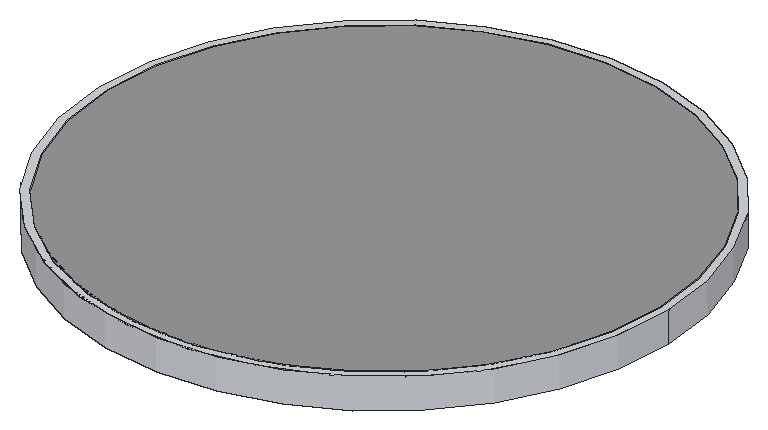
Revit family "2071303", category Lighting Fixtures, host Face, Revit 2018
Family settings
  Host = Face
  Round Connector Dimension = Use Diameter
  Part Type = Junction Box
  OmniClass Number = 23.80.70.00
  OmniClass Title = Lighting
  Cut with Voids When Loaded = No
  Light Source = Yes
  Shared = No
  Room Calculation Point = No
Parameters (values of type "2071303 COLOSSAL 1200 940 PR DIR WHT SSA02")
  iner diameter = 1168 mm
  Weight = "n/a"
  Wattage Comments = ""
  Wattage = 30 W
  WarrantyStartDate [instance] = "n/a"
  WarrantyGuarantorParts = "n/a"
  WarrantyDurationUnit = "n/a"
  WarrantyDurationParts = ""
  WarrantyDescription = "http://www.sylvania-lighting.com"
  built-in parameter 1150110 = 1 (stored number, unit not read)
  Voltage = 230 V
  URL = "0.95"
  TypeName = "COLOSSAL 1200mm 940 PRISM DIR WHITE SSA02"
  Type Image = <None>
  Type Comments = "n/a"
  built-in parameter 1114217 = 1 (stored number, unit not read)
  Tilt Angle = -90.00°
  built-in parameter 1150109 = 1 (stored number, unit not read)
  built-in parameter 1150134 = (empty or 0)
  built-in parameter 1150113 = 1 (stored number, unit not read)
  SerialNumber [instance] = "n/a"
  Photometric Web File = "2071303.ies"
  Material_3_SYL = LED-Sylvania
  PowerFactor = 0
  PowerConsumption = "Lighting"
  NominalLength = 1168 mm
  NominalHeight = 93 mm
  NominalDepth = 1168 mm
  Name = "COLOSSAL 1200mm 940 PRISM DIR WHITE SSA02"
  ModelReference = Name  # "COLOSSAL 1200mm 940 PRISM DIR WHITE SSA02"
  ModelNumber = "2071303"
  Model = Name  # "COLOSSAL 1200mm 940 PRISM DIR WHITE SSA02"
  Material = "Feilo Sylvania"
  ManufacturerName = "117 lm/W"
  Manufacturer = ""
  LuminousEfficacy = ""
  built-in parameter 1150105 = 270.44 (stored number, unit not read)
  Lumens = 3398.4 lm
  LuminaireType = "0"
  built-in parameter 1150115 = 1 (stored number, unit not read)
  LightOutputRatio = "LED"
  built-in parameter 1150137 = (empty or 0)
  built-in parameter 1150139 = (empty or 0)
  LampsType = Lamp  # "n/a"
  LampNominalLuminous = "4000 K"
  LampMacAdamStep = "90"
  LampColourTemperature = "LED"
  LampColourRenderingIndex = "16500"
  built-in parameter 1150112 = 1 (stored number, unit not read)
  built-in parameter 1150114 = 1 (stored number, unit not read)
  Lamp = "n/a"
  Keynote = "n/a"
  InstallationDate [instance] = "n/a"
  InputVoltage = "0"
  InputNominalFrequency = "4000"
  built-in parameter 1150132 = (empty or 0)
  built-in parameter 1150102 = (empty or 0)
  built-in parameter 1150107 = 3000 (stored number, unit not read)
  built-in parameter 1150138 = (empty or 0)
  IngressProtection = "IfcLightFixtureType"
  ImpactProtectionIndex = "IfcLightFixtureType"
  built-in parameter 1150106 = 2.7044 (stored number, unit not read)
  IfcExportType = "IfcLightFixtureType"
  IfcExportAs = "Class I"
  Emit from Circle Diameter = 385 mm
  Emit Shape Visible in Rendering = no
  ElectricShockClassification = "117"
  built-in parameter 1150104 = 10.524 (stored number, unit not read)
  DocumentationLiterature = "http://www.sylvania-lighting.com/product/en-int/products/2071303"
  DimmingControlOptions = "n/a"
  Material_2_SYL = Polycarbonate_Sylvania_White
  Dimming Lamp Color Temperature Shift = <None>
  Description = "1200mm diameter circular architectural luminaire, can be surface mounted or suspended. Powder coated aluminium housing (RAL9016) with PMMA prismatic diffuser. Direct light distribution, 14060lm luminuous flux, 120W system power, 117lm/W luminiaire efficacy. Sylsmart Connected enabled. Colour rendering index Ra >90, 4000K Neutral White LED, chromaticity tolerance of 3-step MacAdam ellipse. IP40/IP20, IK03. 350mA drive current. UGR≤19. Electrical protection Class1, 220-240V. Reported lifetime 66k hours L90B10."
  Default Elevation = 1219.2 mm
  CreatedOn = "23/03/2022"
  CreatedBy = "@sylvania-lighting.com"
  Cost = 0
  Color Filter = 16777215
  built-in parameter 1114216 [instance] = (empty or 0)
  ClassificationValue = "EF_70_80"
  ClassificationName = "Uniclass2015"
  Material_1_SYL = Polycarbonate_Sylvania_Opal
  BarCode [instance] = "n/a"
  built-in parameter 1114218 = 1 (stored number, unit not read)
  built-in parameter 1150133 = 10 (stored number, unit not read)
  AssetType = "Fixed"
  AssetIdentifier [instance] = "n/a"
  Assembly Code = "D5020200"
  Apparent Load = 120 VA
  Material_4_SYL = none
Reference planes
  plane 1 "Center (Front/Back)": y = 0
  plane 2: z = 0
  plane 3 "Center (Left/Right)": x = 0
  plane 4: z = 1.161
  plane 5: z = 16.161
  plane 6: y = 584
  plane 7: y = -584
  plane 8: x = 85
  plane 9: x = -85
  plane 10: through (0, 0, 1219.2) normal (0.5, 0.866, 0)
  plane 11: through (42.5, 73.612, 1219.2) normal (0.5, 0.866, 0)
  plane 12: through (-42.5, -73.612, 1219.2) normal (0.5, 0.866, 0)
  plane 13: through (0, 0, 1219.2) normal (0.5, -0.866, 0)
  plane 14: through (-42.5, 73.612, 1219.2) normal (0.5, -0.866, 0)
  plane 15: through (42.5, -73.612, 1219.2) normal (0.5, -0.866, 0)
  plane 16: z = 93
  plane 17: y = 584
  plane 18: y = -584
  plane 19: y = -429
  plane 20: x = -584
  plane 21: x = 584
Forms (mm)
  Extrusion 1, solid, detail levels medium+fine
    sketch origin (0, 0, 0) x (0.866025, -0.5, 0) y (0.5, 0.866025, 0)
      loop
        circle (-50, 86.603) r 22
    from 0 to 2
  Extrusion 2, solid, detail levels medium+fine
    sketch origin (0, 0, 0) x (0.866025, -0.5, 0) y (0.5, 0.866025, 0)
      loop
        circle (100, 0) r 22
      loop
        circle (-50, -86.603) r 22
    from 0 to 2
  Extrusion 3, solid, detail levels medium+fine
    sketch origin (0, 0, 0) x (1, 0, 0) y (0, 1, 0)
      loop
        circle (0, 0) r 584
    from 30 to 93
  Extrusion 4, void
    sketch origin (0, 0, 0) x (1, 0, 0) y (0, 1, 0)
      loop
        circle (0, 0) r 568
    from 96.588 to 37.292
  Extrusion 5, solid, material "Glass, White, High Luminance", detail levels fine
    sketch origin (0, 0, 0) x (1, 0, 0) y (0, 1, 0)
      loop
        circle (0, 0) r 568
    from 88.022 to 93
  Extrusion 6, solid, detail levels coarse
    sketch origin (0, 0, 0) x (1, 0, 0) y (0, 1, 0)
      loop
        line (-584, 584) -> (-584, -584) -> (584, -584) -> (584, 584) -> (-584, 584)
    from 0 to 93
  Blend 7, solid, detail levels medium+fine
    base sketch origin (-10.814, 11.299, 29.922) x (1, 0, 0) y (0, 1, 0)
      loop
        line (-402.654, -330.622) -> (397.346, -330.622) -> (482.346, -183.398) -> (82.346, 509.423) -> (-87.654, 509.423) -> (-487.654, -183.398) -> (-402.654, -330.622)
    top sketch origin (-10.814, 11.299, 29.922) x (1, 0, 0) y (0, 1, 0)
      loop
        line (-363.391, -306.496) -> (364.632, -306.496) -> (449.632, -159.272) -> (87.132, 468.597) -> (-82.868, 468.597) -> (-445.368, -159.272) -> (-363.391, -306.496)
    from 0 to -30
Cuts and joins
  Extrusion 4 cuts Extrusion 1
  Extrusion 4 cuts Extrusion 2
  Extrusion 4 cuts Extrusion 3
Lines and regions (mm)
  model lines, detail levels medium+fine
    curve 1: circle (0, 0, 0) r 155 normal (0, 0, 1)
  reference lines
    curve 2: circle (0, 0, 0) r 489 normal (0, 0, 1)
    curve 3: circle (0, 0, 0) r 521 normal (0, 0, 1)
    curve 4: line (0, 0, 0) -> (606.218, -350, 0)
    curve 5: line (0, 0, 0) -> (0, 825, 0)
    curve 6: line (0, 0, 0) -> (-623.538, -360, 0)
    curve 7: line (639.013, -270.785, 0) -> (85, 49.075, 0)
    curve 8: line (563.718, -423.612, 0) -> (0, -98.15, 0)
    curve 9: line (85, 49.075, 0) -> (85, 825, 0)
    curve 10: line (-85, 49.075, 0) -> (-85, 825, 0)
    curve 11: line (-85, 49.075, 0) -> (-666.038, -286.388, 0)
    curve 12: line (-581.038, -433.612, 0) -> (0, -98.15, 0)
Dimensions and locks
  plane 4 to level = 1.161 mm
  locked: plane 5 to plane 4 at 15
  "NominalDepth": plane 6 to plane 7
  plane 6 to plane 1 "Center (Front/Back)" to plane 7 = 584 mm, 584 mm
  "NominalHeight": level to plane 16
  equal spacing: plane 17, plane 1 "Center (Front/Back)", plane 18
  "NominalLength": plane 20 to plane 21
  equal spacing: plane 20, plane 3 "Center (Left/Right)", plane 21
  aligned and locked: plane 2 to host face
  aligned and locked: level to host face
  aligned and locked: plane 6 to Extrusion 6
Automatic sketch dimensions
  host sketch curve to host sketch curve = 2438.4 mm  (x2)
  Extrusion 1 sketch curve to plane 3 "Center (Left/Right)" = 0 mm
  Extrusion 1 sketch curve to plane 1 "Center (Front/Back)" = 100 mm
  plane 1 "Center (Front/Back)" to Extrusion 2 sketch curve = 50 mm
  Extrusion 2 sketch curve to plane 3 "Center (Left/Right)" = 86.603 mm
  Extrusion 2 sketch curve to Extrusion 2 sketch curve = 150 mm
  Extrusion 2 sketch curve to Extrusion 2 sketch curve = 86.603 mm
  plane 1 "Center (Front/Back)" to curve 1 = 0 mm
  curve 1 to plane 3 "Center (Left/Right)" = 0 mm
  plane 1 "Center (Front/Back)" to Extrusion 3 sketch curve = 0 mm
  Extrusion 3 sketch curve to plane 3 "Center (Left/Right)" = 0 mm
  plane 1 "Center (Front/Back)" to Extrusion 4 sketch curve = 0 mm
  Extrusion 4 sketch curve to plane 3 "Center (Left/Right)" = 0 mm
  plane 1 "Center (Front/Back)" to Extrusion 5 sketch curve = 0 mm
  Extrusion 5 sketch curve to plane 3 "Center (Left/Right)" = 0 mm
  curve 2 to curve 3 = 0 mm  (x2)
  curve 11 to plane 14 = 0 mm
  curve 6 to plane 13 = 0 mm
  curve 12 to plane 15 = 0 mm
  curve 10 to plane 9 = 0 mm
  curve 12 to plane 3 "Center (Left/Right)" = 0 mm
  plane 1 "Center (Front/Back)" to curve 3 = 0 mm
  curve 3 to plane 3 "Center (Left/Right)" = 0 mm
  curve 7 to plane 8 = 0 mm
  curve 11 to plane 10 = 0 mm
  curve 12 to plane 19 = 4.612 mm
  plane 19 to curve 6 = 69 mm
  plane 19 to curve 11 = 142.612 mm
  plane 19 to curve 8 = 5.388 mm
  plane 19 to curve 4 = 79 mm
  plane 19 to curve 7 = 158.215 mm
  plane 6 to curve 5 = 241 mm
  curve 10 to curve 5 = 0 mm
  curve 5 to curve 9 = 0 mm
  plane 1 "Center (Front/Back)" to curve 6 = 0 mm
  curve 6 to plane 3 "Center (Left/Right)" = 0 mm
  Extrusion 6 sketch curve to plane 7 = 0 mm
  Extrusion 6 sketch curve to plane 6 = 0 mm
  Blend 7 sketch curve to plane 6 = 756.098 mm  (x2)
  Blend 7 sketch curve to Blend 7 sketch curve = 85 mm
  plane 3 "Center (Left/Right)" to Blend 7 sketch curve = 386.532 mm
  plane 8 to Blend 7 sketch curve = 386.532 mm
  Blend 7 sketch curve to plane 6 = 63.278 mm
  Blend 7 sketch curve to plane 6 = 731.972 mm  (x2)
  Blend 7 sketch curve to Blend 7 sketch curve = 81.977 mm
  plane 3 "Center (Left/Right)" to Blend 7 sketch curve = 353.818 mm
  plane 8 to Blend 7 sketch curve = 353.818 mm
  Blend 7 sketch curve to plane 6 = 104.104 mm
  plane 12 to curve 8 = 0 mm
  plane 19 to Blend 7 sketch curve = 109.677 mm
  plane 19 to Blend 7 sketch curve = 133.803 mm
  plane 8 to Extrusion 6 sketch curve = 499 mm
  Extrusion 6 sketch curve to plane 9 = 499 mm
  Blend 7 sketch curve to plane 8 = 13.468 mm
  Blend 7 sketch curve to plane 9 = 13.468 mm
  Blend 7 sketch curve to plane 9 = 328.468 mm
  Blend 7 sketch curve to plane 8 = 8.682 mm
  Blend 7 sketch curve to plane 9 = 8.682 mm
  Blend 7 sketch curve to plane 9 = 289.205 mm
  plane 10 to curve 4 = 0 mm
  plane 11 to curve 7 = 0 mm
  curve 12 to plane 12 = 0 mm
  curve 9 to plane 11 = 0 mm
  radius of Extrusion 1 sketch curve = 22 mm
  radius of Extrusion 2 sketch curve = 22 mm  (x2)
  radius of curve 1 = 155 mm
  radius of Extrusion 3 sketch curve = 584 mm
  radius of Extrusion 4 sketch curve = 568 mm
  radius of Extrusion 5 sketch curve = 568 mm
  radius of curve 2 = 489 mm
  radius of curve 3 = 521 mm
Connectors
  electrical at (0, 0, 30)
    settings: on cut or joined group of Extrusion 3, Extrusion 4, index 1, voltage 0 V, apparent load 0 VA, apparent load phase1 0 VA, apparent load phase2 0 VA, apparent load phase3 0 VA, power factor 1, load classification "Other", number of poles 1, system type 31, power factor state 1, is connector primary yes, connector utility no, sub classification motor no, connector description ""
